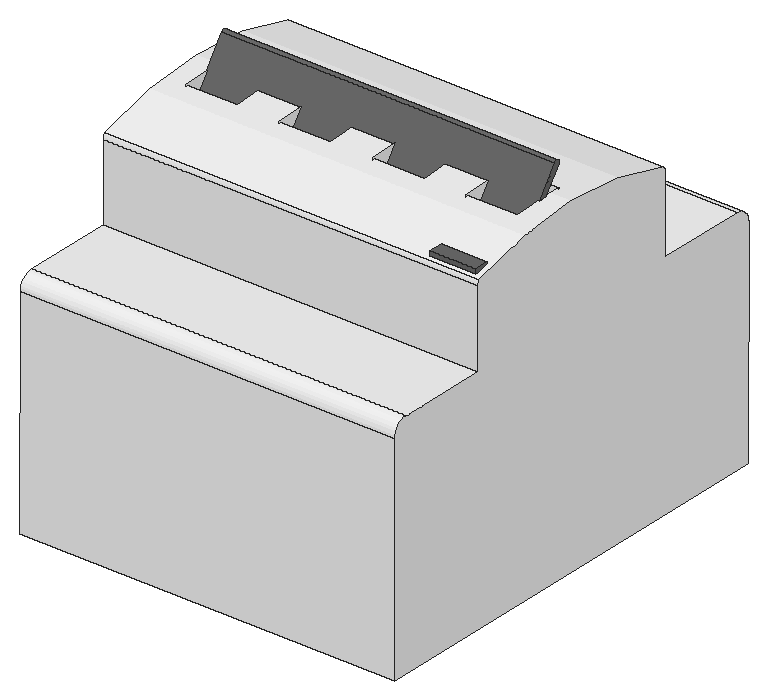
Revit family "Power-ModularDevices-GEWISS-90RCD-MDC45_4P", category Apparecchi elettrici, host Superficie, Revit 2016
Family settings
  Host = Superficie
  Mantenere orientamento annotazione = Sì
  Tipo di parte = Normale
  Quota connettore circolare = Usa diametro
  Numero OmniClass = 23.80.30.14
  Titolo OmniClass = Power Distribution
  Taglio con vuoti quando caricato = No
  Condiviso = Sì
  Punto di calcolo locali = Sì
Parameters (values of type "GW94280 - COMPACT RCBO 4P C32 4.5KA A/0.3 4M")
  Vista di pianta [instance] = yes
  Voltaggio = 400 V
  Version file RFA = "19.0"
  URL = "https://www.gewiss.com/ww/en"
  Type: = "A"
  Type = "A"
  Technical sheet = "https://www.gewiss.com/ww/en/search?q=GW94280"
  Stocking temperature = "-40 +70 °C"
  Standard; = "IEC/EN 61009-1, IEC/EN 61009-2-1"
  Standard = "EN 61009-1"
  Spessore = 150 mm
  Simbolo [instance] = yes
  Section rigid cable = "<=1x35 - <=2x16 - <=1x16+2x10 mm²"
  Section flexible cable = "<=1x35 - <=2x16 - <=1x16+2x10 mm²"
  SEO = "RCCB"
  Realized by GEWISS S.p.A. = ""
  ReStart compatibility = "Yes"
  Rated voltage (EN/IEC 61009-1, 61009-2-1) = "400/415 V"
  Rated voltage = "400V"
  Rated tightening torque = "2 Nm"
  Rated residual operating current = "300 mA"
  Rated insulation voltage (Ui) = "500V"
  Rated impulse withstand voltage = "4KV"
  Rated frequency (Hz) = "50/60 Hz"
  Rated current: = "32A"
  Rated current (In) = "32A"
  Default Elevation = 1219.2 mm
  Produttore = "GEWISS S.p.A."
  Precision = "300 mA"
  Parti incassate = yes
  Overvoltage category = "III"
  Operating temperature = "-25 +40 °C"
  Numero di poli_ = 3
  Number of poles = "4P"
  No. of poles = "4P"
  No. of modules EN 50022 = "4"
  No. modules = "4"
  Modello = "GW94280"
  Mechanical endurance = "20.000"
  Level of immunity (8/20 Âµs) = "250A"
  Larghezza = 72 mm  # constant formula
  Label = "MDC 45"
  Interuttore = GW - grigio scuro
  Insulation voltage = "500V"
  Immagine tipo = GW94066.jpg
  Idn = "300MA"
  IFC.TypeObject = ""
  IFC.ExportType = ""
  IFC.ExportAs = ""
  IDT = "df8ad9d6-7a44-4f6f-952b-0f4e7a4b4378"
  IDF = "4d8b9787-d3c0-4db7-8bdb-0a95d267ba3d"
  Finitura = GW - grigio chiaro
  Electrocod = "1413"
  Electrical endurance = "10000"
  EAN code = "8011564060807"
  Double connection = "YES (only down stream)"
  Distanza orizzontale del simbolo [instance] = 0 mm
  Distanza dal piano [instance] = 3 mm
  Distanza dal muro [instance] = 4.208 mm
  Descrizione = "COMPACT RCBO 4P C32 4.5KA A/0.3 4M"
  Description = "RCCB WITH OVERCURRENT PROTECTION"
  Curve = "C"
  Cornice simbolo [instance] = yes
  Catalogue Range = "90 RCD"
  Catalogue = "POWER"
  Carico apparente = 0 VA
  COBie.Tagnumber = ""
  COBie.CreatedOn = ""
  COBie.CreatebBy = ""
  COBie.ComponentRegisterItemID = ""
  COBie.Component.TagNumber = ""
  COBie.Component.Space = ""
  COBie.Component.SerialNumber = ""
  COBie.Component.InstallationDate = ""
  COBie.Component.Description = ""
  COBie.Component.BarCode = ""
  Breaking capacity EN 61009-1 400V (Icn) = "4500A"
  Breaking capacity EN 61009-1 (Ics) = "1 x Icn"
  Breaking capacity EN 60947-2 400V (Icu) = "4,5KA"
  Breaking capacity EN 60947-2 (Ics) = "100% Icu"
  Auxiliaries compatibility = "Yes"
  Assembly position: = "Any"
  Altezza = 85 mm
Types (26, lengths in mm): name | Type: | Type | Technical sheet | Rated residual operating current | Rated current: | Rated current (In) | Precision | Modello | Idn | IDT | EAN code | Descrizione
  GW94065 - COMPACT RCBO 4P C6 4.5KA AC/0.03 4M | "AC" | "AC" | "https://www.gewiss.com/ww/en/search?q=GW94065" | "30 mA" | "6A" | "6A" | "30 mA" | "GW94065" | "30MA" | "6b688d72-f26c-42b3-9182-d6e232baf04d" | "8011564059733" | "COMPACT RCBO 4P C6 4.5KA AC/0.03 4M"
  GW94066 - COMPACT RCBO 4P C10 4.5KA AC/0.03 4M | "AC" | "AC" | "https://www.gewiss.com/ww/en/search?q=GW94066" | "30 mA" | "10A" | "10A" | "30 mA" | "GW94066" | "30MA" | "520ad171-6727-4b39-a2a4-1c0de4c0428f" | "8011564059740" | "COMPACT RCBO 4P C10 4.5KA AC/0.03 4M"
  GW94071 - COMPACT RCBO 4P C13 4.5KA AC/0.03 4M | "AC" | "AC" | "https://www.gewiss.com/ww/en/search?q=GW94071" | "30 mA" | "13A" | "13A" | "30 mA" | "GW94071" | "30MA" | "48ef03b4-3ac5-47fb-964b-08f8101b7e97" | "8011564225572" | "COMPACT RCBO 4P C13 4.5KA AC/0.03 4M"
  GW94067 - COMPACT RCBO 4P C16 4.5KA AC/0.03 4M | "AC" | "AC" | "https://www.gewiss.com/ww/en/search?q=GW94067" | "30 mA" | "16A" | "16A" | "30 mA" | "GW94067" | "30MA" | "52248696-de62-4d8c-befb-faf5ed4e00bf" | "8011564059757" | "COMPACT RCBO 4P C16 4.5KA AC/0.03 4M"
  GW94068 - COMPACT RCBO 4P C20 4.5KA AC/0.03 4M | "AC" | "AC" | "https://www.gewiss.com/ww/en/search?q=GW94068" | "30 mA" | "20A" | "20A" | "30 mA" | "GW94068" | "30MA" | "da7c8f35-5729-4154-873d-e82652044f1e" | "8011564059764" | "COMPACT RCBO 4P C20 4.5KA AC/0.03 4M"
  GW94069 - COMPACT RCBO 4P C25 4.5KA AC/0.03 4M | "AC" | "AC" | "https://www.gewiss.com/ww/en/search?q=GW94069" | "30 mA" | "25A" | "25A" | "30 mA" | "GW94069" | "30MA" | "e8864a23-2f2d-426e-ae39-c8b52b151aaa" | "8011564059771" | "COMPACT RCBO 4P C25 4.5KA AC/0.03 4M"
  GW94070 - COMPACT RCBO 4P C32 4.5KA AC/0.03 4M | "AC" | "AC" | "https://www.gewiss.com/ww/en/search?q=GW94070" | "30 mA" | "32A" | "32A" | "30 mA" | "GW94070" | "30MA" | "f5885939-9377-4d47-ba91-b7488d9ae9a1" | "8011564059788" | "COMPACT RCBO 4P C32 4.5KA AC/0.03 4M"
  GW94075 - COMPACT RCBO 4P C6 4.5KA AC/0.3 4M | "AC" | "AC" | "https://www.gewiss.com/ww/en/search?q=GW94075" | "300 mA" | "6A" | "6A" | "300 mA" | "GW94075" | "300MA" | "d5c773e6-5f96-4e79-b78c-9456fa07f6a2" | "8011564059795" | "COMPACT RCBO 4P C6 4.5KA AC/0.3 4M"
  GW94076 - COMPACT RCBO 4P C10 4.5KA AC/0.3 4M | "AC" | "AC" | "https://www.gewiss.com/ww/en/search?q=GW94076" | "300 mA" | "10A" | "10A" | "300 mA" | "GW94076" | "300MA" | "d10df7db-204e-4485-9efe-41ccaa67d28a" | "8011564059801" | "COMPACT RCBO 4P C10 4.5KA AC/0.3 4M"
  GW94077 - COMPACT RCBO 4P C16 4.5KA AC/0.3 4M | "AC" | "AC" | "https://www.gewiss.com/ww/en/search?q=GW94077" | "300 mA" | "16A" | "16A" | "300 mA" | "GW94077" | "300MA" | "acba94ed-96e3-400c-905f-c111cbe769c5" | "8011564059818" | "COMPACT RCBO 4P C16 4.5KA AC/0.3 4M"
  GW94078 - COMPACT RCBO 4P C20 4.5KA AC/0.3 4M | "AC" | "AC" | "https://www.gewiss.com/ww/en/search?q=GW94078" | "300 mA" | "20A" | "20A" | "300 mA" | "GW94078" | "300MA" | "88ad46ca-3a48-4efb-81f5-6269d57a7ab6" | "8011564059825" | "COMPACT RCBO 4P C20 4.5KA AC/0.3 4M"
  GW94079 - COMPACT RCBO 4P C25 4.5KA AC/0.3 4M | "AC" | "AC" | "https://www.gewiss.com/ww/en/search?q=GW94079" | "300 mA" | "25A" | "25A" | "300 mA" | "GW94079" | "300MA" | "580e9e00-b546-42f4-b49b-7b3608a22eed" | "8011564059832" | "COMPACT RCBO 4P C25 4.5KA AC/0.3 4M"
  GW94080 - COMPACT RCBO 4P C32 4.5KA AC/0.3 4M | "AC" | "AC" | "https://www.gewiss.com/ww/en/search?q=GW94080" | "300 mA" | "32A" | "32A" | "300 mA" | "GW94080" | "300MA" | "44a9afe4-65f7-4a21-89fe-f63325169fb3" | "8011564059849" | "COMPACT RCBO 4P C32 4.5KA AC/0.3 4M"
  GW94265 - COMPACT RCBO 4P C6 4.5KA A/0.03 4M | "A" | "A" | "https://www.gewiss.com/ww/en/search?q=GW94265" | "30 mA" | "6A" | "6A" | "30 mA" | "GW94265" | "30MA" | "42211b01-42db-437e-a65e-903510a5b293" | "8011564060692" | "COMPACT RCBO 4P C6 4.5KA A/0.03 4M"
  GW94266 - COMPACT RCBO 4P C10 4.5KA A/0.03 4M | "A" | "A" | "https://www.gewiss.com/ww/en/search?q=GW94266" | "30 mA" | "10A" | "10A" | "30 mA" | "GW94266" | "30MA" | "cb087ece-6ba2-42e4-9ad0-e9f1d12b1b80" | "8011564060708" | "COMPACT RCBO 4P C10 4.5KA A/0.03 4M"
  GW94271 - COMPACT RCBO 4P C13 4.5KA A/0.03 4M | "A" | "A" | "https://www.gewiss.com/ww/en/search?q=GW94271" | "30 mA" | "13A" | "13A" | "30 mA" | "GW94271" | "30MA" | "1f014282-9515-4398-8881-e8c826dc58ec" | "8011564225657" | "COMPACT RCBO 4P C13 4.5KA A/0.03 4M"
  GW94267 - COMPACT RCBO 4P C16 4.5KA A/0.03 4M | "A" | "A" | "https://www.gewiss.com/ww/en/search?q=GW94267" | "30 mA" | "16A" | "16A" | "30 mA" | "GW94267" | "30MA" | "8c22786d-f5fe-494e-ba8d-9b9af32feeca" | "8011564060715" | "COMPACT RCBO 4P C16 4.5KA A/0.03 4M"
  GW94268 - COMPACT RCBO 4P C20 4.5KA A/0.03 4M | "A" | "A" | "https://www.gewiss.com/ww/en/search?q=GW94268" | "30 mA" | "20A" | "20A" | "30 mA" | "GW94268" | "30MA" | "7198a07d-3bcb-40ad-a6e7-faf839a6a1cb" | "8011564060722" | "COMPACT RCBO 4P C20 4.5KA A/0.03 4M"
  GW94269 - COMPACT RCBO 4P C25 4.5KA A/0.03 4M | "A" | "A" | "https://www.gewiss.com/ww/en/search?q=GW94269" | "30 mA" | "25A" | "25A" | "30 mA" | "GW94269" | "30MA" | "b6f2a1c8-5026-40ad-892e-b4be6092d940" | "8011564060739" | "COMPACT RCBO 4P C25 4.5KA A/0.03 4M"
  GW94270 - COMPACT RCBO 4P C32 4.5KA A/0.03 4M | "A" | "A" | "https://www.gewiss.com/ww/en/search?q=GW94270" | "30 mA" | "32A" | "32A" | "30 mA" | "GW94270" | "30MA" | "614929ec-f99e-4fb6-aed1-2de14e48ec2c" | "8011564060746" | "COMPACT RCBO 4P C32 4.5KA A/0.03 4M"
  GW94275 - COMPACT RCBO 4P C6 4.5KA A/0.3 4M | "A" | "A" | "https://www.gewiss.com/ww/en/search?q=GW94275" | "300 mA" | "6A" | "6A" | "300 mA" | "GW94275" | "300MA" | "d3fd87f9-e3f2-416e-b291-4e13b495f6ce" | "8011564060753" | "COMPACT RCBO 4P C6 4.5KA A/0.3 4M"
  GW94276 - COMPACT RCBO 4P C10 4.5KA A/0.3 4M | "A" | "A" | "https://www.gewiss.com/ww/en/search?q=GW94276" | "300 mA" | "10A" | "10A" | "300 mA" | "GW94276" | "300MA" | "fc575a80-0053-498f-a590-a658bc33a182" | "8011564060760" | "COMPACT RCBO 4P C10 4.5KA A/0.3 4M"
  GW94277 - COMPACT RCBO 4P C16 4.5KA A/0.3 4M | "A" | "A" | "https://www.gewiss.com/ww/en/search?q=GW94277" | "300 mA" | "16A" | "16A" | "300 mA" | "GW94277" | "300MA" | "452f4c7c-a638-426f-8bfe-5127a33aa60b" | "8011564060777" | "COMPACT RCBO 4P C16 4.5KA A/0.3 4M"
  GW94278 - COMPACT RCBO 4P C20 4.5KA A/0.3 4M | "A" | "A" | "https://www.gewiss.com/ww/en/search?q=GW94278" | "300 mA" | "20A" | "20A" | "300 mA" | "GW94278" | "300MA" | "99bcf2b0-499c-4f82-9f8a-684e7e93e4ff" | "8011564060784" | "COMPACT RCBO 4P C20 4.5KA A/0.3 4M"
  GW94279 - COMPACT RCBO 4P C25 4.5KA A/0.3 4M | "A" | "A" | "https://www.gewiss.com/ww/en/search?q=GW94279" | "300 mA" | "25A" | "25A" | "300 mA" | "GW94279" | "300MA" | "e8ec21fe-7fde-4c00-97a5-ea411b935a7c" | "8011564060791" | "COMPACT RCBO 4P C25 4.5KA A/0.3 4M"
  GW94280 - COMPACT RCBO 4P C32 4.5KA A/0.3 4M | "A" | "A" | "https://www.gewiss.com/ww/en/search?q=GW94280" | "300 mA" | "32A" | "32A" | "300 mA" | "GW94280" | "300MA" | "df8ad9d6-7a44-4f6f-952b-0f4e7a4b4378" | "8011564060807" | "COMPACT RCBO 4P C32 4.5KA A/0.3 4M"
Reference planes
  plane 1 "Centro (Fronte/Retro)": y = 0
  plane 2: z = 0
  plane 3 "Centro (Sinistra/Destra)": x = 0
  plane 4: x = -36
  plane 5: x = 36
  plane 6: y = 42.5
  plane 7: y = -42.5
  plane 8: z = 60
  plane 9 "fori": z = -7
  plane 10: x = 4.008
  plane 11: x = -13.994
  plane 12 "scritta": z = 11.951
  plane 13: x = -31.992
  plane 14: x = -22.008
  plane 15: x = 22.008
  plane 16: x = 13.992
  plane 17: z = -51.441
  plane 18: z = 1.622
  plane 19: z = 8.951
  plane 20: z = 14.352
  plane 21: y = 22.5
  plane 22: y = -22.5
  plane 23: y = -21.557
  plane 24: y = -18.792
  plane 25: y = -7.815
  plane 26: y = 1.94
  plane 27: x = 26.031
  plane 28: x = 34.787
  plane 29: x = -4.01
  plane 30: x = 31.992
  plane 31: z = 9.927
  plane 32: x = 0
  plane 33: z = -10
Forms (mm)
  Extrusion 1, solid, material "GW - grigio chiaro" <- "Finitura"
    sketch origin (0, 0, 15.559) x (0, 1, 0) y (0, 0, 1)
      loop
        line (39.866, -22.559) -> (22.5, -22.559) -> (22.5, -7.841)
        arc (22.5, -7.841) -> (22.312, -7.25) -> (21.907, -6.78) r 1.555
        arc (21.907, -6.78) -> (-0.155, -3.002) -> (-22.2, -6.885) r 65.407
        arc (-22.2, -6.885) -> (-22.405, -7.346) -> (-22.5, -7.841) r 2.213
        line (-22.5, -7.841) -> (-22.5, -22.559) -> (-39.676, -22.559)
        arc (-39.676, -22.559) -> (-41.673, -23.386) -> (-42.5, -25.383) r 2.824
        line (-42.5, -25.383) -> (-42.5, -67) -> (42.5, -67) -> (42.5, -25.193)
        arc (42.5, -25.193) -> (41.728, -23.33) -> (39.866, -22.559) r 2.634
    from -36 to 36
  Extrusion 2, solid, material "GW - grigio scuro" <- "Interuttore"
    sketch origin (0, 0, 11.951) x (0, -1, 0) y (1, 0, 0)
      loop
        line (21.557, 26.031) -> (21.557, 34.787) -> (18.792, 34.787) -> (18.792, 26.031) -> (21.557, 26.031)
    from -3 to -2.024
  Extrusion 3, void
    sketch origin (0, 0, 11.951) x (0, -1, 0) y (1, 0, 0)
      loop
        line (7.815, -31.992) -> (7.815, -22.008) -> (-1.94, -22.008) -> (-1.94, -31.992) -> (7.815, -31.992)
      loop
        line (7.815, 22.008) -> (7.815, 31.992) -> (-1.94, 31.992) -> (-1.94, 22.008) -> (7.815, 22.008)
      loop
        line (7.815, -13.994) -> (7.815, -4.01) -> (-1.94, -4.01) -> (-1.94, -13.994) -> (7.815, -13.994)
      loop
        line (7.815, 4.008) -> (7.815, 13.992) -> (-1.94, 13.992) -> (-1.94, 4.008) -> (7.815, 4.008)
    from -3 to 2.401
  Extrusion 4, solid, material "GW - grigio scuro" <- "Interuttore"
    sketch origin (0, 0, -67) x (0, 1, 0) y (0, 0, 1)
      loop
        line (-3.741, 75.951) -> (1.868, 83.671)
        arc (1.868, 83.671) -> (1.773, 84.475) -> (0.978, 84.317) r 0.552
        line (0.978, 84.317) -> (-5.101, 75.951) -> (-3.741, 75.951)
    from -31.992 to 31.992
  Extrusion 5, solid, material "GW - grigio scuro" <- "Interuttore", not visible
    sketch origin (6.181, 0, 0) x (0, 1, 0) y (0, 0, 1)
      loop
        line (-3.741, 75.951) -> (1.868, 83.671)
        arc (1.868, 83.671) -> (1.773, 84.475) -> (0.978, 84.317) r 0.552
        line (0.978, 84.317) -> (-5.101, 75.951) -> (-3.741, 75.951)
    from -31.992 to 31.992
Cuts and joins
  Extrusion 3 cuts Extrusion 1
Lines and regions (mm)
  Masking region 1
    outline origin (0, 0, 0) x (0, 1, 0) y (0, 0, 1)
      loop
        line (42.5, -51.441) -> (42.5, -9.634)
        arc (42.5, -9.634) -> (41.728, -7.772) -> (39.866, -7) r 2.634
        line (39.866, -7) -> (22.5, -7) -> (22.5, 7.718)
        arc (22.5, 7.718) -> (22.312, 8.308) -> (21.907, 8.778) r 1.555
        arc (21.907, 8.778) -> (0, 12.556) -> (-21.907, 8.778) r 65.407
        arc (-21.907, 8.778) -> (-22.276, 8.288) -> (-22.5, 7.718) r 2.271
        line (-22.5, 7.718) -> (-22.5, -7) -> (-39.676, -7)
        arc (-39.676, -7) -> (-41.673, -7.827) -> (-42.5, -9.824) r 2.824
        line (-42.5, -9.824) -> (-42.5, -51.441) -> (42.5, -51.441)
  Masking region 2, visible <- "Vista di pianta"
    outline origin (0, 0, 0) x (1, 0, 0) y (0, 0, 1)
      loop
        line (-36, -51.441) -> (36, -51.441) -> (36, 14.352) -> (-36, 14.352) -> (-36, -51.441)
  model lines, not visible, detail levels medium+fine
    curve 1: circle (-17.812, -33.112, 126.346) r 2.5 normal (0, 0, -1)
    curve 5: circle (0, -33.112, 126.346) r 2.5 normal (0, 0, -1)
    curve 9: circle (36.058, -33.112, 126.346) r 2.5 normal (0, 0, 1)
    curve 10: circle (18.245, -33.112, 126.346) r 2.5 normal (0, 0, 1)
  model lines, detail levels medium+fine
    curve 2: circle (-26.935, 33.638, -7) r 2.5 normal (0, 0, -1)
    curve 3: circle (-26.935, -33.75, -7) r 2.5 normal (0, 0, 1)
    curve 4: circle (-9.123, -33.75, -7) r 2.5 normal (0, 0, 1)
    curve 6: circle (-9.123, 33.638, -7) r 2.5 normal (0, 0, -1)
    curve 7: circle (26.935, -33.75, -7) r 2.5 normal (0, 0, -1)
    curve 8: circle (9.123, -33.75, -7) r 2.5 normal (0, 0, -1)
    curve 11: circle (26.935, 33.638, -7) r 2.5 normal (0, 0, 1)
    curve 12: circle (9.123, 33.638, -7) r 2.5 normal (0, 0, 1)
Dimensions and locks
  equal spacing: plane 6, plane 1 "Centro (Fronte/Retro)", plane 7
  equal spacing: plane 4, plane 3 "Centro (Sinistra/Destra)", plane 5
  "Larghezza": plane 4 to plane 5
  "Altezza": plane 6 to plane 7
  plane 7 to plane 6 = 85 mm
  locked: plane 17 to plane 9 "fori" at 44.441
  "Distanza dal piano": plane 9 "fori" to plane 33
  locked: plane 9 "fori" to plane 18 at 8.622
  locked: plane 19 to plane 18 at 7.329
  locked: plane 20 to plane 19 at 5.401
  locked: plane 12 "scritta" to plane 19 at 3
  plane 3 "Centro (Sinistra/Destra)" to Extrusion 3 = 22.008 mm
  locked: plane 22 to plane 21 at 45
  locked: plane 31 to plane 19 at 0.976
  plane 20 to plane 17 = 65.793 mm
  "Distanza orizzontale del simbolo": plane 3 "Centro (Sinistra/Destra)" to plane 32
  locked: plane 2 to plane 33 at 10
  aligned and locked: plane 2 to host face
  aligned and locked: level to host face
  aligned and locked: Extrusion 1 to plane 4
  aligned and locked: plane 5 to Extrusion 1
  aligned and locked: Extrusion 1 to plane 9 "fori"  (x2)
  aligned and locked: plane 17 to Extrusion 1
  aligned and locked: Extrusion 2 to plane 19
  aligned and locked: plane 13 to Extrusion 3 sketch curve
  aligned and locked: Extrusion 3 sketch curve to plane 14
  aligned and locked: Extrusion 3 to plane 19
  aligned and locked: plane 20 to Extrusion 3
  aligned and locked: Extrusion 4 to plane 19
  aligned and locked: plane 22 to Extrusion 1 sketch curve
  aligned and locked: Extrusion 1 sketch curve to plane 21
  aligned and locked: Masking region 1 sketch curve to cut or joined group of Extrusion 1, Extrusion 3  (x8)
  aligned and locked: plane 23 to Extrusion 2
  aligned and locked: Extrusion 2 to plane 24
  aligned and locked: plane 25 to Extrusion 3  (x2)
  aligned and locked: Extrusion 3 sketch curve to plane 26  (x2)
  aligned and locked: plane 28 to Extrusion 2 sketch curve
  aligned and locked: Extrusion 2 sketch curve to plane 27
  aligned and locked: nested 1 to plane 3 "Centro (Sinistra/Destra)"
  aligned and locked: cut or joined group of Extrusion 1, Extrusion 3 to plane 9 "fori"  (x2)
  aligned and locked: plane 13 to nested 1
  aligned and locked: plane 14 to nested 1
  aligned and locked: plane 11 to nested 1
  aligned and locked: plane 10 to nested 1
  aligned and locked: plane 16 to nested 1
  aligned and locked: plane 15 to nested 1
  aligned and locked: Extrusion 4 to nested 1
  aligned and locked: Extrusion 4 to plane 13
  aligned and locked: Extrusion 3 sketch curve to plane 30
  aligned and locked: plane 15 to Extrusion 3 sketch curve
  aligned and locked: Extrusion 3 sketch curve to plane 11
  aligned and locked: plane 29 to Extrusion 3 sketch curve
  aligned and locked: Extrusion 3 sketch curve to plane 10
  aligned and locked: Extrusion 3 sketch curve to plane 16
  aligned and locked: plane 28 to nested 1
  aligned and locked: plane 27 to nested 1
  aligned and locked: plane 31 to Extrusion 2
  aligned and locked: Masking region 2 sketch curve to cut or joined group of Extrusion 1, Extrusion 3  (x2)
  aligned and locked: plane 5 to Masking region 2 sketch curve
  aligned and locked: plane 20 to Masking region 2 sketch curve
  aligned and locked: plane 32 to nested 2
  aligned and locked: plane 9 "fori" to curve 11
  aligned and locked: curve 7 to plane 9 "fori"
Automatic sketch dimensions
  host sketch curve to host sketch curve = 2438.4 mm  (x2)
  Extrusion 4 sketch curve to Extrusion 4 sketch curve = 1.36 mm
  Extrusion 4 sketch curve to Extrusion 4 sketch curve = 0.358 mm
  Extrusion 4 sketch curve to Extrusion 4 sketch curve = 4.719 mm
  Extrusion 4 sketch curve to Extrusion 4 sketch curve = 0.47 mm
  Extrusion 4 sketch curve to Extrusion 4 sketch curve = 0.419 mm
  Extrusion 4 sketch curve to Extrusion 4 sketch curve = 7.72 mm
  Extrusion 5 sketch curve to Extrusion 5 sketch curve = 1.36 mm
  Extrusion 5 sketch curve to Extrusion 5 sketch curve = 0.358 mm
  Extrusion 5 sketch curve to Extrusion 5 sketch curve = 4.719 mm
  Extrusion 5 sketch curve to Extrusion 5 sketch curve = 0.47 mm
  Extrusion 5 sketch curve to Extrusion 5 sketch curve = 0.419 mm
  Extrusion 5 sketch curve to Extrusion 5 sketch curve = 7.72 mm
  Extrusion 1 sketch curve to plane 7 = 0 mm
  plane 9 "fori" to Extrusion 1 sketch curve = 0 mm  (x2)
  Extrusion 1 sketch curve to plane 1 "Centro (Fronte/Retro)" = 0 mm
  Extrusion 1 sketch curve to plane 6 = 0 mm
  plane 17 to Extrusion 1 sketch curve = 0 mm
  plane 7 to Extrusion 1 sketch curve = 2.824 mm
  Extrusion 1 sketch curve to plane 23 = 1.264 mm
  plane 21 to Extrusion 1 sketch curve = 1.546 mm
  Extrusion 1 sketch curve to Extrusion 1 sketch curve = 2.634 mm
  plane 17 to Extrusion 1 sketch curve = 1.41 mm
  Extrusion 1 sketch curve to plane 19 = 1.401 mm  (x2)
  Extrusion 1 sketch curve to plane 19 = 1.233 mm  (x2)
  Extrusion 1 sketch curve to plane 19 = 0.277 mm
  plane 24 to Extrusion 2 sketch curve = 0 mm
  plane 23 to Extrusion 2 sketch curve = 0 mm
  plane 7 to Masking region 1 sketch curve = 2.824 mm
  Masking region 1 sketch curve to plane 23 = 1.264 mm
  plane 21 to Masking region 1 sketch curve = 1.546 mm
  Masking region 1 sketch curve to plane 6 = 2.634 mm
  Masking region 1 sketch curve to plane 19 = 1.77 mm
  Masking region 1 sketch curve to plane 19 = 1.401 mm
  Masking region 1 sketch curve to plane 19 = 1.233 mm  (x2)
  curve 8 to curve 7 = 0 mm
  curve 10 to curve 9 = 0 mm
  curve 12 to curve 11 = 0 mm
  plane 26 to Extrusion 3 sketch curve = 0 mm  (x2)
  plane 25 to Extrusion 3 sketch curve = 0 mm  (x4)
  curve 3 to curve 4 = 0 mm
  curve 3 to curve 4 = 17.812 mm
  curve 4 to curve 8 = 0 mm
  curve 4 to curve 8 = 18.245 mm
  curve 8 to curve 7 = 17.812 mm
  curve 1 to curve 5 = 0 mm
  curve 1 to curve 5 = 17.812 mm
  curve 5 to curve 10 = 0 mm
  curve 5 to curve 10 = 18.245 mm
  curve 10 to curve 9 = 17.812 mm
  curve 2 to curve 6 = 0 mm
  curve 2 to curve 6 = 17.812 mm
  curve 6 to curve 12 = 0 mm
  curve 6 to curve 12 = 18.245 mm
  curve 12 to curve 11 = 17.812 mm
  radius of curve 3 = 2.5 mm
  radius of curve 4 = 2.5 mm
  radius of curve 8 = 2.5 mm
  radius of curve 7 = 2.5 mm
  radius of curve 1 = 2.5 mm
  radius of curve 5 = 2.5 mm
  radius of curve 10 = 2.5 mm
  radius of curve 9 = 2.5 mm
  radius of curve 2 = 2.5 mm
  radius of curve 6 = 2.5 mm
  radius of curve 12 = 2.5 mm
  radius of curve 11 = 2.5 mm
Nested families
  nested 1: "MAGNETOT DIFF COMP 4P" at (0, 0, 11.951) x (1, 0, 0) z (0, 0, -1), Bidimensionale completo <- "Parti incassate", type "BIDIMENSIONALE"
    with Bidimensionale completo yes
  nested 2: "MAGTERDF" at (0, 48.228, 0), Distanza dal muro <- "Distanza dal muro", BORDO ACCESO <- "Cornice simbolo", SIMBOLO <- "Simbolo", type "MAGTERDF"
    with SIMBOLO yes, Distanza dal muro 4.208 mm, BORDO ACCESO yes
Connectors
  electrical at (0, 42.5, -30.538), driven by "Numero di poli_", driven by "Voltaggio", driven by "Carico apparente"
    settings: on cut or joined group of Extrusion 1, Extrusion 3, index 1, voltage 400 V, apparent load 0 VA, apparent load phase1 0 VA, apparent load phase2 0 VA, apparent load phase3 0 VA, power factor 1, load classification "Altro", number of poles 3, system type 31, power factor state 1, is connector primary yes, connector utility no, sub classification motor no, connector description ""
Definition of nested family "MAGNETOT DIFF COMP 4P"
  Parameters (values of type "BIDIMENSIONALE")
    Bidimensionale completo [instance] = yes
  Reference planes
    plane 1 "Centro (Fronte/Retro)": y = 0
    plane 2: z = 0
    plane 3 "Centro (Sinistra/Destra)": x = 0
    plane 4: y = 42.5
    plane 5: y = -42.5
  Lines and regions (mm)
    model lines, in view "Livello rif.", detail levels medium+fine
      curve 1: line (26.031, -21.557, 0) -> (26.031, -18.792, 0)
      curve 2: line (26.031, -18.792, 0) -> (34.787, -18.792, 0)
      curve 3: line (34.787, -18.792, 0) -> (34.787, -21.557, 0)
      curve 4: line (34.787, -21.557, 0) -> (26.031, -21.557, 0)
      curve 91: line (-4.01, 1.53, 0) -> (-4.01, -8.226, 0)
      curve 92: line (-4.01, -4.97, 0) -> (-13.994, -4.97, 0)
      curve 93: line (-4.01, -2.97, 0) -> (-13.994, -2.97, 0)
      curve 94: line (-13.994, -8.226, 0) -> (-13.994, 1.53, 0)
      curve 95: line (13.992, 1.53, 0) -> (13.992, -8.226, 0)
      curve 96: line (13.992, -4.97, 0) -> (4.008, -4.97, 0)
      curve 97: line (13.992, -2.97, 0) -> (4.008, -2.97, 0)
      curve 98: line (4.008, -8.226, 0) -> (4.008, 1.53, 0)
      curve 100: line (35.772, 1.53, 0) -> (-35.772, 1.53, 0)
      curve 101: line (31.992, 1.53, 0) -> (31.992, -8.226, 0)
      curve 102: line (31.992, -4.97, 0) -> (22.008, -4.97, 0)
      curve 103: line (31.992, -2.97, 0) -> (22.008, -2.97, 0)
      curve 104: line (22.008, -8.226, 0) -> (22.008, 1.53, 0)
      curve 107: line (-22.008, 1.53, 0) -> (-22.008, -8.226, 0)
      curve 108: line (-22.008, -4.97, 0) -> (-31.992, -4.97, 0)
      curve 109: line (-22.008, -2.97, 0) -> (-31.992, -2.97, 0)
      curve 110: line (-31.992, -8.226, 0) -> (-31.992, 1.53, 0)
    model lines, in view "Livello rif.", detail levels fine
      curve 5: line (-32.428, -19.305, 0) -> (-32.428, -21.5, 0)
      curve 6: line (-32.428, -21.5, 0) -> (-33.163, -21.5, 0)
      curve 7: line (-33.163, -21.5, 0) -> (-33.589, -21.446, 0)
      curve 8: line (-33.589, -21.446, 0) -> (-34.111, -21.215, 0)
      curve 9: line (-34.111, -21.215, 0) -> (-34.525, -20.831, 0)
      curve 10: line (-34.525, -20.831, 0) -> (-34.8, -20.312, 0)
      curve 11: line (-34.8, -20.312, 0) -> (-34.885, -19.761, 0)
      curve 12: line (-34.885, -19.761, 0) -> (-34.802, -19.252, 0)
      curve 13: line (-34.802, -19.252, 0) -> (-34.582, -18.803, 0)
      curve 14: line (-34.582, -18.803, 0) -> (-34.187, -18.393, 0)
      curve 15: line (-34.187, -18.393, 0) -> (-33.708, -18.145, 0)
      curve 16: line (-33.708, -18.145, 0) -> (-33.17, -18.056, 0)
      curve 17: line (-33.17, -18.056, 0) -> (-32.428, -18.056, 0)
      curve 18: line (-32.428, -18.056, 0) -> (-32.428, -19.002, 0)
      curve 19: line (-32.428, -19.002, 0) -> (-33.677, -19.002, 0)
      curve 20: line (-33.677, -19.002, 0) -> (-33.677, -20.554, 0)
      curve 21: line (-33.677, -20.554, 0) -> (-33.372, -20.554, 0)
      curve 22: line (-33.372, -20.554, 0) -> (-33.372, -19.305, 0)
      curve 23: line (-33.372, -19.305, 0) -> (-32.428, -19.305, 0)
      curve 24: line (-29.457, -21.5, 0) -> (-32.125, -21.5, 0)
      curve 25: line (-32.125, -21.5, 0) -> (-32.125, -18.056, 0)
      curve 26: line (-32.125, -18.056, 0) -> (-30.706, -18.056, 0)
      curve 27: line (-30.706, -18.056, 0) -> (-30.706, -19.002, 0)
      curve 28: line (-30.706, -19.002, 0) -> (-31.179, -19.002, 0)
      curve 29: line (-31.179, -19.002, 0) -> (-31.179, -19.305, 0)
      curve 30: line (-31.179, -19.305, 0) -> (-29.457, -19.305, 0)
      curve 31: line (-29.457, -19.305, 0) -> (-29.457, -20.251, 0)
      curve 32: line (-29.457, -20.251, 0) -> (-31.179, -20.251, 0)
      curve 33: line (-31.179, -20.251, 0) -> (-31.179, -20.553, 0)
      curve 34: line (-31.179, -20.553, 0) -> (-29.457, -20.553, 0)
      curve 35: line (-29.457, -20.553, 0) -> (-29.457, -21.5, 0)
      curve 36: line (-24.632, -21.5, 0) -> (-24.632, -19.305, 0)
      curve 37: line (-24.632, -19.305, 0) -> (-25.578, -19.305, 0)
      curve 38: line (-25.578, -19.305, 0) -> (-25.578, -21.5, 0)
      curve 39: line (-25.578, -21.5, 0) -> (-24.632, -21.5, 0)
      curve 40: line (-27.801, -21.5, 0) -> (-27.517, -20.08, 0)
      curve 41: line (-27.517, -20.08, 0) -> (-27.234, -21.5, 0)
      curve 42: line (-27.234, -21.5, 0) -> (-26.288, -21.5, 0)
      curve 43: line (-26.288, -21.5, 0) -> (-25.701, -19.002, 0)
      curve 44: line (-25.701, -19.002, 0) -> (-24.632, -19.002, 0)
      curve 45: line (-24.632, -19.002, 0) -> (-24.632, -18.056, 0)
      curve 46: line (-24.632, -18.056, 0) -> (-26.448, -18.056, 0)
      curve 47: line (-26.448, -18.056, 0) -> (-26.789, -19.513, 0)
      curve 48: line (-26.789, -19.513, 0) -> (-27.025, -18.056, 0)
      curve 49: line (-27.025, -18.056, 0) -> (-28.009, -18.056, 0)
      curve 50: line (-28.009, -18.056, 0) -> (-28.246, -19.513, 0)
      curve 51: line (-28.246, -19.513, 0) -> (-28.587, -18.056, 0)
      curve 52: line (-28.587, -18.056, 0) -> (-30.403, -18.056, 0)
      curve 53: line (-30.403, -18.056, 0) -> (-30.403, -19.002, 0)
      curve 54: line (-30.403, -19.002, 0) -> (-29.334, -19.002, 0)
      curve 55: line (-29.334, -19.002, 0) -> (-28.749, -21.5, 0)
      curve 56: line (-28.749, -21.5, 0) -> (-27.801, -21.5, 0)
      curve 57: line (-21.661, -18.056, 0) -> (-24.329, -18.056, 0)
      curve 58: line (-24.329, -18.056, 0) -> (-24.329, -20.251, 0)
      curve 59: line (-24.329, -20.251, 0) -> (-22.607, -20.251, 0)
      curve 60: line (-22.607, -20.251, 0) -> (-22.607, -20.553, 0)
      curve 61: line (-22.607, -20.553, 0) -> (-24.329, -20.553, 0)
      curve 62: line (-24.329, -20.553, 0) -> (-24.329, -21.5, 0)
      curve 63: line (-24.329, -21.5, 0) -> (-21.661, -21.5, 0)
      curve 64: line (-21.661, -21.5, 0) -> (-21.661, -19.305, 0)
      curve 65: line (-21.661, -19.305, 0) -> (-23.383, -19.305, 0)
      curve 66: line (-23.383, -19.305, 0) -> (-23.383, -19.002, 0)
      curve 67: line (-23.383, -19.002, 0) -> (-21.661, -19.002, 0)
      curve 68: line (-21.661, -19.002, 0) -> (-21.661, -18.056, 0)
      curve 69: line (-21.358, -18.056, 0) -> (-21.358, -20.251, 0)
      curve 70: line (-21.358, -20.251, 0) -> (-19.753, -20.251, 0)
      curve 71: line (-19.753, -20.251, 0) -> (-19.753, -20.553, 0)
      curve 72: line (-19.753, -20.553, 0) -> (-21.358, -20.553, 0)
      curve 73: line (-21.358, -20.553, 0) -> (-21.358, -21.5, 0)
      curve 74: line (-21.358, -21.5, 0) -> (-20.412, -21.5, 0)
      curve 75: line (-20.412, -21.5, 0) -> (-19.866, -21.324, 0)
      curve 76: line (-19.866, -21.324, 0) -> (-19.513, -21.094, 0)
      curve 77: line (-19.513, -21.094, 0) -> (-19.11, -20.599, 0)
      curve 78: line (-19.11, -20.599, 0) -> (-18.922, -20.043, 0)
      curve 79: line (-18.922, -20.043, 0) -> (-18.916, -19.55, 0)
      curve 80: line (-18.916, -19.55, 0) -> (-18.968, -19.305, 0)
      curve 81: line (-18.968, -19.305, 0) -> (-20.412, -19.305, 0)
      curve 82: line (-20.412, -19.305, 0) -> (-20.412, -19.002, 0)
      curve 83: line (-20.412, -19.002, 0) -> (-19.097, -19.002, 0)
      curve 84: line (-19.097, -19.002, 0) -> (-19.268, -18.716, 0)
      curve 85: line (-19.268, -18.716, 0) -> (-19.514, -18.461, 0)
      curve 86: line (-19.514, -18.461, 0) -> (-19.856, -18.236, 0)
      curve 87: line (-19.856, -18.236, 0) -> (-20.214, -18.105, 0)
      curve 88: line (-20.214, -18.105, 0) -> (-20.616, -18.056, 0)
      curve 89: line (-20.616, -18.056, 0) -> (-21.358, -18.056, 0)
    model lines, in view "Livello rif."
      curve 90: line (-36, -13.226, 0) -> (36, -13.226, 0)
      curve 99: line (-36, -8.226, 0) -> (36, -8.226, 0)
      curve 105: line (-36, -22.5, 0) -> (36, -22.5, 0)
      curve 106: line (-36, 22.5, 0) -> (36, 22.5, 0)
      curve 112: line (-36, -22.5, 0) -> (-36, 22.5, 0)
      curve 114: line (36, 22.5, 0) -> (36, -22.5, 0)
      curve 211: line (-36, 11.03, 0) -> (36, 11.03, 0)
    model lines, in view "Livello rif.", visible <- "Bidimensionale completo"
      curve 111: line (36, -42.5, 0) -> (-36, -42.5, 0)
      curve 113: line (-36, 42.5, 0) -> (36, 42.5, 0)
    model lines, in view "Livello rif.", visible <- "Bidimensionale completo", detail levels fine
      curve 115: line (-27, 31.163, 0) -> (-28.293, 31.51, 0)
      curve 116: line (-28.293, 31.51, 0) -> (-29.24, 32.457, 0)
      curve 117: line (-29.24, 32.457, 0) -> (-29.587, 33.75, 0)
      curve 118: line (-29.587, 33.75, 0) -> (-29.24, 35.043, 0)
      curve 119: line (-29.24, 35.043, 0) -> (-28.293, 35.99, 0)
      curve 120: line (-28.293, 35.99, 0) -> (-27, 36.337, 0)
      curve 121: line (-27, 36.337, 0) -> (-25.707, 35.99, 0)
      curve 122: line (-25.707, 35.99, 0) -> (-24.76, 35.043, 0)
      curve 123: line (-24.76, 35.043, 0) -> (-24.413, 33.75, 0)
      curve 124: line (-24.413, 33.75, 0) -> (-24.76, 32.457, 0)
      curve 125: line (-24.76, 32.457, 0) -> (-25.707, 31.51, 0)
      curve 126: line (-25.707, 31.51, 0) -> (-27, 31.163, 0)
      curve 127: line (9, 31.163, 0) -> (10.293, 31.51, 0)
      curve 128: line (10.293, 31.51, 0) -> (11.24, 32.457, 0)
      curve 129: line (11.24, 32.457, 0) -> (11.587, 33.75, 0)
      curve 130: line (11.587, 33.75, 0) -> (11.24, 35.043, 0)
      curve 131: line (11.24, 35.043, 0) -> (10.293, 35.99, 0)
      curve 132: line (10.293, 35.99, 0) -> (9, 36.337, 0)
      curve 133: line (9, 36.337, 0) -> (7.707, 35.99, 0)
      curve 134: line (7.707, 35.99, 0) -> (6.76, 35.043, 0)
      curve 135: line (6.76, 35.043, 0) -> (6.413, 33.75, 0)
      curve 136: line (6.413, 33.75, 0) -> (6.76, 32.457, 0)
      curve 137: line (6.76, 32.457, 0) -> (7.707, 31.51, 0)
      curve 138: line (7.707, 31.51, 0) -> (9, 31.163, 0)
      curve 139: line (-9, 31.163, 0) -> (-10.293, 31.51, 0)
      curve 140: line (-10.293, 31.51, 0) -> (-11.24, 32.457, 0)
      curve 141: line (-11.24, 32.457, 0) -> (-11.587, 33.75, 0)
      curve 142: line (-11.587, 33.75, 0) -> (-11.24, 35.043, 0)
      curve 143: line (-11.24, 35.043, 0) -> (-10.293, 35.99, 0)
      curve 144: line (-10.293, 35.99, 0) -> (-9, 36.337, 0)
      curve 145: line (-9, 36.337, 0) -> (-7.707, 35.99, 0)
      curve 146: line (-7.707, 35.99, 0) -> (-6.76, 35.043, 0)
      curve 147: line (-6.76, 35.043, 0) -> (-6.413, 33.75, 0)
      curve 148: line (-6.413, 33.75, 0) -> (-6.76, 32.457, 0)
      curve 149: line (-6.76, 32.457, 0) -> (-7.707, 31.51, 0)
      curve 150: line (-7.707, 31.51, 0) -> (-9, 31.163, 0)
      curve 151: line (-27, -36.337, 0) -> (-28.293, -35.99, 0)
      curve 152: line (-28.293, -35.99, 0) -> (-29.24, -35.043, 0)
      curve 153: line (-29.24, -35.043, 0) -> (-29.587, -33.75, 0)
      curve 154: line (-29.587, -33.75, 0) -> (-29.24, -32.457, 0)
      curve 155: line (-29.24, -32.457, 0) -> (-28.293, -31.51, 0)
      curve 156: line (-28.293, -31.51, 0) -> (-27, -31.163, 0)
      curve 157: line (-27, -31.163, 0) -> (-25.707, -31.51, 0)
      curve 158: line (-25.707, -31.51, 0) -> (-24.76, -32.457, 0)
      curve 159: line (-24.76, -32.457, 0) -> (-24.413, -33.75, 0)
      curve 160: line (-24.413, -33.75, 0) -> (-24.76, -35.043, 0)
      curve 161: line (-24.76, -35.043, 0) -> (-25.707, -35.99, 0)
      curve 162: line (-25.707, -35.99, 0) -> (-27, -36.337, 0)
      curve 163: line (9, -36.337, 0) -> (10.293, -35.99, 0)
      curve 164: line (10.293, -35.99, 0) -> (11.24, -35.043, 0)
      curve 165: line (11.24, -35.043, 0) -> (11.587, -33.75, 0)
      curve 166: line (11.587, -33.75, 0) -> (11.24, -32.457, 0)
      curve 167: line (11.24, -32.457, 0) -> (10.293, -31.51, 0)
      curve 168: line (10.293, -31.51, 0) -> (9, -31.163, 0)
      curve 169: line (9, -31.163, 0) -> (7.707, -31.51, 0)
      curve 170: line (7.707, -31.51, 0) -> (6.76, -32.457, 0)
      curve 171: line (6.76, -32.457, 0) -> (6.413, -33.75, 0)
      curve 172: line (6.413, -33.75, 0) -> (6.76, -35.043, 0)
      curve 173: line (6.76, -35.043, 0) -> (7.707, -35.99, 0)
      curve 174: line (7.707, -35.99, 0) -> (9, -36.337, 0)
      curve 175: line (-9, -36.337, 0) -> (-10.293, -35.99, 0)
      curve 176: line (-10.293, -35.99, 0) -> (-11.24, -35.043, 0)
      curve 177: line (-11.24, -35.043, 0) -> (-11.587, -33.75, 0)
      curve 178: line (-11.587, -33.75, 0) -> (-11.24, -32.457, 0)
      curve 179: line (-11.24, -32.457, 0) -> (-10.293, -31.51, 0)
      curve 180: line (-10.293, -31.51, 0) -> (-9, -31.163, 0)
      curve 181: line (-9, -31.163, 0) -> (-7.707, -31.51, 0)
      curve 182: line (-7.707, -31.51, 0) -> (-6.76, -32.457, 0)
      curve 183: line (-6.76, -32.457, 0) -> (-6.413, -33.75, 0)
      curve 184: line (-6.413, -33.75, 0) -> (-6.76, -35.043, 0)
      curve 185: line (-6.76, -35.043, 0) -> (-7.707, -35.99, 0)
      curve 186: line (-7.707, -35.99, 0) -> (-9, -36.337, 0)
      curve 187: line (27, 31.163, 0) -> (28.293, 31.51, 0)
      curve 188: line (28.293, 31.51, 0) -> (29.24, 32.457, 0)
      curve 189: line (29.24, 32.457, 0) -> (29.587, 33.75, 0)
      curve 190: line (29.587, 33.75, 0) -> (29.24, 35.043, 0)
      curve 191: line (29.24, 35.043, 0) -> (28.293, 35.99, 0)
      curve 192: line (28.293, 35.99, 0) -> (27, 36.337, 0)
      curve 193: line (27, 36.337, 0) -> (25.707, 35.99, 0)
      curve 194: line (25.707, 35.99, 0) -> (24.76, 35.043, 0)
      curve 195: line (24.76, 35.043, 0) -> (24.413, 33.75, 0)
      curve 196: line (24.413, 33.75, 0) -> (24.76, 32.457, 0)
      curve 197: line (24.76, 32.457, 0) -> (25.707, 31.51, 0)
      curve 198: line (25.707, 31.51, 0) -> (27, 31.163, 0)
      curve 199: line (27, -36.337, 0) -> (28.293, -35.99, 0)
      curve 200: line (28.293, -35.99, 0) -> (29.24, -35.043, 0)
      curve 201: line (29.24, -35.043, 0) -> (29.587, -33.75, 0)
      curve 202: line (29.587, -33.75, 0) -> (29.24, -32.457, 0)
      curve 203: line (29.24, -32.457, 0) -> (28.293, -31.51, 0)
      curve 204: line (28.293, -31.51, 0) -> (27, -31.163, 0)
      curve 205: line (27, -31.163, 0) -> (25.707, -31.51, 0)
      curve 206: line (25.707, -31.51, 0) -> (24.76, -32.457, 0)
      curve 207: line (24.76, -32.457, 0) -> (24.413, -33.75, 0)
      curve 208: line (24.413, -33.75, 0) -> (24.76, -35.043, 0)
      curve 209: line (24.76, -35.043, 0) -> (25.707, -35.99, 0)
      curve 210: line (25.707, -35.99, 0) -> (27, -36.337, 0)
    detail lines, in view "Livello rif.", visible <- "Bidimensionale completo"
      curve 212: line (-36, 42.5, 0) -> (-36, 22.5, 0)
      curve 213: line (36, 42.5, 0) -> (36, 22.5, 0)
      curve 214: line (36, -22.5, 0) -> (36, -42.5, 0)
      curve 215: line (-36, -42.5, 0) -> (-36, -22.5, 0)
  Dimensions and locks
    aligned and locked: plane 4 to curve 113
    aligned and locked: plane 5 to curve 111
Definition of nested family "MAGTERDF"
  Parameters (values of type "MAGTERDF")
    SIMBOLO [instance] = yes
    Distanza dal muro [instance] = 4.208 mm
    BORDO ACCESO [instance] = yes
  Reference planes
    plane 1: y = 0
    plane 2: x = 0
  Lines and regions (mm)
    detail lines, visible <- "BORDO ACCESO", not visible
      curve 1: line (-2.25, 0.412, 0) -> (2.25, 0.412, 0)
      curve 2: line (2.25, 0.412, 0) -> (2.25, -5.588, 0)
      curve 3: line (2.25, -5.588, 0) -> (-2.25, -5.588, 0)
      curve 4: line (-2.25, -5.588, 0) -> (-2.25, 0.412, 0)
      curve 30: line (-1.85, 0.012, 0) -> (1.85, 0.012, 0)
      curve 31: line (1.85, 0.012, 0) -> (1.85, -5.188, 0)
      curve 32: line (1.85, -5.188, 0) -> (-1.85, -5.188, 0)
      curve 33: line (-1.85, -5.188, 0) -> (-1.85, 0.012, 0)
      curve 34: line (-2.25, 6, 0) -> (2.25, 6, 0)
      curve 35: line (2.25, 6, 0) -> (2.25, 0, 0)
      curve 36: line (2.25, 0, 0) -> (-2.25, 0, 0)
      curve 37: line (-2.25, 0, 0) -> (-2.25, 6, 0)
      curve 61: line (-1.85, 5.6, 0) -> (1.85, 5.6, 0)
      curve 62: line (1.85, 5.6, 0) -> (1.85, 0.4, 0)
      curve 63: line (1.85, 0.4, 0) -> (-1.85, 0.4, 0)
      curve 64: line (-1.85, 0.4, 0) -> (-1.85, 5.6, 0)
      curve 65: line (-2.443, 10.208, 0) -> (2.057, 10.208, 0)
      curve 66: line (2.057, 10.208, 0) -> (2.057, 4.208, 0)
      curve 67: line (2.057, 4.208, 0) -> (-2.443, 4.208, 0)
      curve 68: line (-2.443, 4.208, 0) -> (-2.443, 10.208, 0)
      curve 69: line (-2.043, 9.808, 0) -> (1.657, 9.808, 0)
      curve 70: line (1.657, 9.808, 0) -> (1.657, 4.608, 0)
      curve 71: line (1.657, 4.608, 0) -> (-2.043, 4.608, 0)
      curve 72: line (-2.043, 4.608, 0) -> (-2.043, 9.808, 0)
    detail lines, not visible
      curve 5: line (-9.473, -5.588, 0) -> (10.527, -5.588, 0)
      curve 6: circle (-0.56, -0.487, 0) r 0.969 normal (0, 0, 1)
      curve 7: line (-0.005, 0.306, 0) -> (0.852, 1.529, 0)
      curve 8: line (0.852, 1.529, 0) -> (1.529, 1.047, 0)
      curve 9: circle (-0.56, -315.487, 0) r 0.969 normal (0, 0, 1)
      curve 10: line (-0.005, -314.694, 0) -> (0.852, -313.471, 0)
      curve 11: line (0.852, -313.471, 0) -> (1.529, -313.953, 0)
      curve 12: line (-1.245, -314.803, 0) -> (0.124, -316.172, 0)
      curve 13: line (0.124, -314.803, 0) -> (-1.245, -316.172, 0)
      curve 14: circle (-0.56, -480.487, 0) r 0.969 normal (0, 0, 1)
      curve 15: line (-0.005, -479.694, 0) -> (0.852, -478.471, 0)
      curve 16: line (0.852, -478.471, 0) -> (1.529, -478.953, 0)
      curve 17: line (0.493, -478.983, 0) -> (1.167, -479.462, 0)
      curve 18: circle (-0.56, -880.487, 0) r 0.969 normal (0, 0, 1)
      curve 19: line (-0.005, -879.694, 0) -> (0.852, -878.471, 0)
      curve 20: line (0.852, -878.471, 0) -> (1.529, -878.953, 0)
      curve 21: line (-1.245, -879.803, 0) -> (0.124, -881.172, 0)
      curve 22: line (0.124, -879.803, 0) -> (-1.245, -881.172, 0)
      curve 23: line (0.493, -878.983, 0) -> (1.167, -879.462, 0)
      curve 24: circle (-0.56, -365.487, 0) r 0.969 normal (0, 0, 1)
      curve 25: line (-0.005, -364.694, 0) -> (0.852, -363.471, 0)
      curve 26: line (0.852, -363.471, 0) -> (1.529, -363.953, 0)
      curve 27: line (-0.56, -364.925, 0) -> (-0.56, -366.05, 0)
      curve 28: line (0.493, -363.983, 0) -> (1.167, -364.462, 0)
      curve 29: line (0, 3.621, 0) -> (0, -16.379, 0)
      curve 38: circle (-0.56, 2.417, 0) r 0.969 normal (0, 0, 1)
      curve 39: line (-0.005, 3.21, 0) -> (0.852, 4.433, 0)
      curve 40: line (0.852, 4.433, 0) -> (1.529, 3.951, 0)
      curve 41: circle (-0.56, 2.417, 0) r 0.969 normal (0, 0, 1)
      curve 42: line (-0.005, 3.21, 0) -> (0.852, 4.433, 0)
      curve 43: line (0.852, 4.433, 0) -> (1.529, 3.951, 0)
      curve 44: line (-1.245, 3.102, 0) -> (0.124, 1.732, 0)
      curve 45: line (0.124, 3.102, 0) -> (-1.245, 1.732, 0)
      curve 46: circle (-0.56, 2.417, 0) r 0.969 normal (0, 0, 1)
      curve 47: line (-0.005, 3.21, 0) -> (0.852, 4.433, 0)
      curve 48: line (0.852, 4.433, 0) -> (1.529, 3.951, 0)
      curve 49: circle (-0.56, 2.417, 0) r 0.969 normal (0, 0, 1)
      curve 50: line (-0.005, 3.21, 0) -> (0.852, 4.433, 0)
      curve 51: line (0.852, 4.433, 0) -> (1.529, 3.951, 0)
      curve 52: line (-1.245, 3.102, 0) -> (0.124, 1.732, 0)
      curve 53: line (0.124, 3.102, 0) -> (-1.245, 1.732, 0)
      curve 54: line (0.493, 3.921, 0) -> (1.167, 3.442, 0)
      curve 55: line (0.493, 3.921, 0) -> (1.167, 3.442, 0)
      curve 56: circle (-0.56, 2.417, 0) r 0.969 normal (0, 0, 1)
      curve 57: line (-0.005, 3.21, 0) -> (0.852, 4.433, 0)
      curve 58: line (0.852, 4.433, 0) -> (1.529, 3.951, 0)
      curve 59: line (-0.56, 2.979, 0) -> (-0.56, 1.854, 0)
      curve 60: line (0.493, 3.921, 0) -> (1.167, 3.442, 0)
      curve 73: line (-1.644, 2.848, 0) -> (1.644, 2.848, 0)
      curve 74: line (-1.644, 0.61, 0) -> (-1.644, 2.848, 0)
      curve 75: line (1.644, 0.61, 0) -> (-1.644, 0.61, 0)
      curve 76: line (1.644, 2.848, 0) -> (1.644, 0.61, 0)
      curve 77: line (-1.325, 0.987, 0) -> (1.325, 0.987, 0)
      curve 78: circle (0, 1.912, 0) r 0.5 normal (0, 0, 1)
      curve 79: circle (0, 1.912, 0) r 0.8 normal (0, 0, 1)
      curve 80: line (-1.325, 0.987, 0) -> (1.325, 0.987, 0)
      curve 81: line (-0.354, 2.265, 0) -> (0.354, 1.558, 0)
      curve 82: line (0.354, 2.265, 0) -> (-0.354, 1.558, 0)
  Dimensions and locks
    "Distanza dal muro": plane 1 to nested 1
    aligned and locked: curve 5 to curve 3
    aligned and locked: plane 2 to nested 1
  Nested families
    nested 1: "MAGTERDF_BASE" at (0, 4.208, 0), BORDO ACCESO <- "BORDO ACCESO", visible <- "SIMBOLO", type "SIMBOLO"
      with TESTO ELETTRICO "Id", BORDO ACCESO yes
  Definition of nested family "MAGTERDF_BASE"
    Parameters (values of type "SIMBOLO")
      TESTO ELETTRICO [instance] = "Id"
      BORDO ACCESO [instance] = yes
    Reference planes
      plane 1: y = 0
      plane 2: x = 0
    Lines and regions (mm)
      detail lines, visible <- "BORDO ACCESO", not visible
        curve 1: line (-1.943, 9.208, 0) -> (1.857, 9.208, 0)
        curve 2: line (1.857, 9.208, 0) -> (1.857, 4.208, 0)
        curve 3: line (1.857, 4.208, 0) -> (-1.943, 4.208, 0)
        curve 4: line (-1.943, 4.208, 0) -> (-1.943, 9.208, 0)
        curve 5: line (-1.743, 9.008, 0) -> (1.657, 9.008, 0)
        curve 6: line (1.657, 9.008, 0) -> (1.657, 4.408, 0)
        curve 7: line (1.657, 4.408, 0) -> (-1.743, 4.408, 0)
        curve 8: line (-1.743, 4.408, 0) -> (-1.743, 9.008, 0)
      detail lines, not visible
        curve 9: line (-1.644, 2.848, 0) -> (1.644, 2.848, 0)
        curve 10: line (-1.644, 0.61, 0) -> (-1.644, 2.848, 0)
        curve 11: line (1.644, 0.61, 0) -> (-1.644, 0.61, 0)
        curve 12: line (1.644, 2.848, 0) -> (1.644, 0.61, 0)
        curve 13: line (-1.325, 0.987, 0) -> (1.325, 0.987, 0)
        curve 14: circle (0, 1.912, 0) r 0.5 normal (0, 0, 1)
        curve 15: circle (0, 1.912, 0) r 0.8 normal (0, 0, 1)
        curve 16: line (-1.325, 0.987, 0) -> (1.325, 0.987, 0)
        curve 17: line (-0.354, 2.265, 0) -> (0.354, 1.558, 0)
        curve 18: line (0.354, 2.265, 0) -> (-0.354, 1.558, 0)
        curve 19: circle (0, -4.588, 0) r 1 normal (0, 0, 1)
        curve 20: circle (0, -4.588, 0) r 0.749 normal (0, 0, 1)
        curve 21: line (0.53, -5.117, 0) -> (-0.53, -4.058, 0)
        curve 22: line (-0.53, -5.117, 0) -> (0.53, -4.058, 0)
        curve 23: circle (0, -6.992, 0) r 1 normal (0, 0, 1)
        curve 24: circle (0, -6.992, 0) r 0.749 normal (0, 0, 1)
        curve 25: circle (0, -8.992, 0) r 1 normal (0, 0, 1)
        curve 26: circle (0, -8.992, 0) r 0.749 normal (0, 0, 1)
        curve 27: circle (0, 2.508, 0) r 0.527 normal (0, 0, 1)
        curve 28: line (0, 2.809, 0) -> (0, 2.179, 0)
        curve 29: circle (0, 2.508, 0) r 0.394 normal (0, 0, 1)
        curve 30: line (0, 1.982, 0) -> (0, 1.691, 0)
        curve 31: line (-0.162, 1.691, 0) -> (0.162, 1.691, 0)
        curve 32: line (-0.162, 1.691, 0) -> (0, 1.41, 0)
        curve 33: line (0, 1.41, 0) -> (0.162, 1.691, 0)
        curve 34: line (-0.866, 3.093, 0) -> (0.866, 3.093, 0)
        curve 35: line (-0.866, 1.915, 0) -> (-0.866, 3.093, 0)
        curve 36: line (0.866, 1.915, 0) -> (-0.866, 1.915, 0)
        curve 37: line (0.866, 3.093, 0) -> (0.866, 1.915, 0)
        curve 38: line (-0.698, 2.113, 0) -> (0.698, 2.113, 0)
        curve 39: circle (0, 2.6, 0) r 0.263 normal (0, 0, 1)
        curve 40: circle (0, 2.6, 0) r 0.421 normal (0, 0, 1)
        curve 41: line (-0.698, 2.113, 0) -> (0.698, 2.113, 0)
        curve 42: line (-0.186, 2.786, 0) -> (0.186, 2.414, 0)
        curve 43: line (0.186, 2.786, 0) -> (-0.186, 2.414, 0)
        curve 44: circle (0, 2.508, 0) r 0.527 normal (0, 0, 1)
        curve 45: circle (0, 2.508, 0) r 0.394 normal (0, 0, 1)
        curve 46: line (0.279, 2.229, 0) -> (-0.279, 2.787, 0)
        curve 47: line (-0.279, 2.229, 0) -> (0.279, 2.787, 0)
        curve 48: circle (0, 3.035, 0) r 0.527 normal (0, 0, 1)
        curve 49: circle (0, 3.035, 0) r 0.394 normal (0, 0, 1)
        curve 50: circle (0, 1.982, 0) r 0.527 normal (0, 0, 1)
        curve 51: circle (0, 1.982, 0) r 0.394 normal (0, 0, 1)
        curve 52: line (7.117, 11.625, 0) -> (8, 12.528, 0)
        curve 53: line (7.117, 12.528, 0) -> (8, 11.625, 0)
        curve 54: line (4.688, 6.204, 0) -> (10.431, 6.204, 0)
        curve 55: line (10.431, 6.204, 0) -> (10.431, 0.331, 0)
        curve 56: line (10.431, 0.331, 0) -> (4.688, 0.331, 0)
        curve 57: line (4.688, 0.331, 0) -> (4.688, 6.204, 0)
        curve 58: line (4.688, 3.267, 0) -> (10.431, 3.267, 0)
        curve 59: line (5.351, 12.077, 0) -> (7.56, 7.332, 0)
        curve 60: line (7.56, 7.332, 0) -> (7.56, 6.204, 0)
        curve 61: line (7.56, 6.204, 0) -> (7.56, 5.525, 0)
        curve 62: line (7.56, 5.525, 0) -> (8.884, 5.525, 0)
        curve 63: line (8.884, 5.525, 0) -> (8.884, 3.944, 0)
        curve 64: line (8.884, 3.944, 0) -> (7.56, 3.944, 0)
        curve 65: line (7.56, 3.944, 0) -> (7.56, 3.267, 0)
        curve 66: line (7.56, 3.267, 0) -> (7.56, 2.362, 0)
        curve 67: line (7.56, 2.362, 0) -> (8.443, 2.362, 0)
        curve 68: line (8.443, 1.007, 0) -> (7.56, 1.007, 0)
        curve 69: line (7.56, 1.007, 0) -> (7.56, 0.331, 0)
        curve 70: line (5.651, 11.428, 0) -> (6.285, 10.069, 0)
        curve 71: line (6.285, 10.069, 0) -> (5.843, 9.843, 0)
        curve 72: line (5.843, 9.843, 0) -> (5.2, 11.2, 0)
        curve 73: line (5.2, 11.2, 0) -> (5.651, 11.428, 0)
        curve 74: line (5.651, 11.428, 0) -> (5.2, 11.2, 0)
        curve 75: line (5.2, 11.2, 0) -> (5.843, 9.843, 0)
        curve 76: line (5.843, 9.843, 0) -> (6.285, 10.069, 0)
        curve 77: line (6.285, 10.069, 0) -> (5.651, 11.428, 0)
        curve 78: line (5.651, 11.428, 0) -> (5.2, 11.2, 0)
        curve 79: line (5.2, 11.2, 0) -> (5.843, 9.843, 0)
        curve 80: line (5.843, 9.843, 0) -> (6.285, 10.069, 0)
        curve 81: line (6.285, 10.069, 0) -> (5.651, 11.428, 0)
        curve 82: line (5.651, 11.428, 0) -> (5.2, 11.2, 0)
        curve 83: line (5.2, 11.2, 0) -> (5.843, 9.843, 0)
        curve 84: line (5.843, 9.843, 0) -> (6.285, 10.069, 0)
        curve 85: line (4.688, 0.331, 0) -> (10.431, 0.331, 0)
        curve 86: line (10.431, 0.331, 0) -> (10.431, -2.606, 0)
        curve 87: line (10.431, -2.606, 0) -> (4.688, -2.606, 0)
        curve 88: line (4.688, -2.606, 0) -> (4.688, 0.331, 0)
        curve 89: line (7.56, -6.718, 0) -> (7.56, -2.606, 0)
        curve 90: line (7.56, 12.075, 0) -> (7.56, 16.775, 0)
        curve 91: arc (8.443, 2.362, 0) -> (9.12, 1.685, 0) -> (8.443, 1.007, 0) r 0.677
        curve 111: line (-1.483, 1.007, 0) -> (-1.663, 1.007, 0)
        curve 112: line (-1.483, 0.807, 0) -> (-1.483, 1.007, 0)
        curve 113: line (-1.663, 0.807, 0) -> (-1.483, 0.807, 0)
        curve 114: line (-1.663, 1.007, 0) -> (-1.663, 0.807, 0)
        curve 118: arc (1.499, 0.957, 0) -> (1.599, 1.057, 0) -> (1.499, 1.157, 0) r 0.1
        curve 119: line (1.499, 1.157, 0) -> (1.499, 0.957, 0)
      detail lines
        curve 92: line (-0.347, 1.488, 0) -> (0.346, 1.488, 0)
        curve 93: line (0.346, 1.488, 0) -> (0.346, 0.779, 0)
        curve 94: line (0.346, 0.779, 0) -> (-0.347, 0.779, 0)
        curve 95: line (-0.347, 0.779, 0) -> (-0.347, 1.488, 0)
        curve 96: line (-0.347, 1.134, 0) -> (0.346, 1.134, 0)
        curve 97: line (-0.267, 2.197, 0) -> (0, 1.624, 0)
        curve 98: line (0, 1.406, 0) -> (0.16, 1.406, 0)
        curve 99: line (0.16, 1.406, 0) -> (0.16, 1.216, 0)
        curve 100: line (0.16, 1.216, 0) -> (0, 1.216, 0)
        curve 101: line (-0.347, 0.779, 0) -> (0.346, 0.779, 0)
        curve 102: line (0.346, 0.779, 0) -> (0.346, 0.425, 0)
        curve 103: line (0.346, 0.425, 0) -> (-0.347, 0.425, 0)
        curve 104: line (-0.347, 0.425, 0) -> (-0.347, 0.779, 0)
        curve 105: line (0, 0.125, 0) -> (0, 0.863, 0)
        curve 106: line (0, 2.197, 0) -> (0, 2.4, 0)
        curve 107: line (0, 1.053, 0) -> (0.189, 1.053, 0)
        curve 108: line (0.191, 0.863, 0) -> (0, 0.863, 0)
        curve 109: line (-0.071, 2.127, 0) -> (0.068, 2.27, 0)
        curve 110: line (-0.071, 2.27, 0) -> (0.068, 2.127, 0)
        curve 115: line (0, 1.406, 0) -> (0, 1.624, 0)
        curve 116: line (0, 1.053, 0) -> (0, 1.216, 0)
        curve 117: arc (0.191, 0.863, 0) -> (0.26, 0.959, 0) -> (0.189, 1.053, 0) r 0.1
    Text (mm)
      label "Id" at (0.045, 0.601, 0), shows "TESTO ELETTRICO"
      label "TXT" at (0.016, 2.473, 0), shows "TESTO ELETTRICO", not visible
